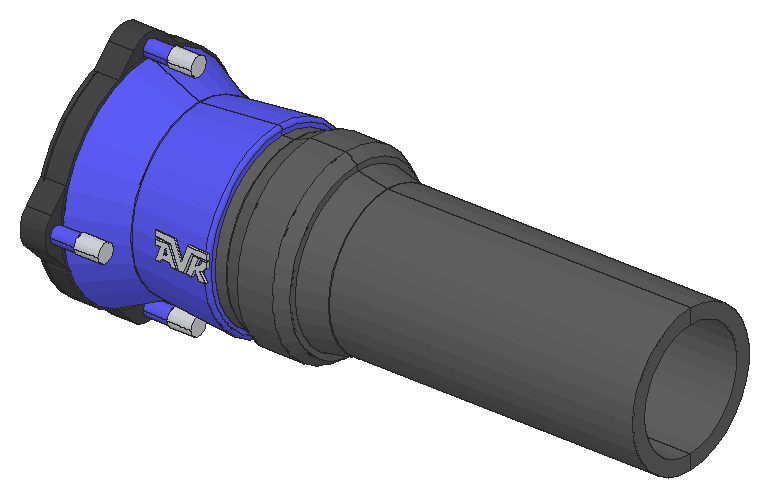
Revit family "635-00-001 DN100-150", category Pipe Accessories, Revit 2022
Family settings
  Round Connector Dimension = Use Diameter
  Part Type = Valve - Breaks Into
  Work Plane-Based = No
  Always vertical = No
  Cut with Voids When Loaded = No
  Shared = No
Parameters (values of type "DN125_ PN16")
  Thickness = OD * 0.2  # 16.00 mm
  SR2 = size_lookup(Search_table, "SR2", 0.00 mm, DN) / 2  # 79.50 mm
  SR1 = size_lookup(Search_table, "SR1", 0.00 mm, DN) / 2  # 66.00 mm
  Ring_dia3 = Ring_dia2 * 1.1  # 95.106 mm
  Ring_dia2 = ((Ring_Dia1 - OD) / 2) + OD  # 86.46 mm
  Ring_Dia1 = Ring_Dia * 0.92  # 92.92 mm
  Ring_Dia = size_lookup(Search_table, "Ring_Dia", 0.00 mm, DN) / 2  # 101.00 mm
  PCD = D * 0.9  # 128.25 mm
  OD = size_lookup(Search_table, "OD", 0.00 mm, DN) / 2  # 80.00 mm
  L5 = L4 * 1.25  # 257.812 mm
  L4-L3 = (L4 - L3) * 0.7  # 13.125 mm
  L4 = L3 * 1.1  # 206.25 mm
  L3 = L * 0.3  # 187.50 mm
  L1 = size_lookup(Search_table, "L1", 0.00 mm, DN)  # 335.00 mm
  L = size_lookup(Search_table, "L", 0.00 mm, DN)  # 625.00 mm
  FLange_T1 = Bolt_End_dis * 1.1  # 82.50 mm
  FL_T2 = FL_T / 2  # 28.00 mm
  FL_T = size_lookup(Search_table, "FL_T", 0.00 mm, DN)  # 56.00 mm
  D3 = D * 0.3  # 42.75 mm
  D2 = SR1 * 1.1  # 72.60 mm
  D1 = D * 0.85  # 121.125 mm
  Cap_Radius = size_lookup(Search_table, "Cap_Radius", 0.00 mm, DN)  # 29.00 mm
  Bore = size_lookup(Search_table, "Bore", 0.00 mm, DN)  # 62.50 mm
  Bolt_End_dis = size_lookup(Search_table, "Bolt_End_dis", 0.00 mm, DN)  # 75.00 mm
  Bolt2 = Bolt1 * 1.15  # 10.005 mm
  Bolt1 = Cap_Radius * 0.3  # 8.70 mm
  4 = 4.00 mm  # constant formula
  DN125_ PN16 = "635-161-00-166"
  DN150_ PN16 = "635-188-00-166"
  DN = 125.00 mm
  Description_ = "AVK SUPA MAXI™ TRANSITION COUPLING, PE100/PN16"
  Default Elevation = 0.00 mm
  DN100_PN16 = "635-133-00-166"
  Search_table = "635-00-001 DN100-150"
  URL product pages = "https://www.avkvalves.com/P.aspx?no=63507100166"
  D = size_lookup(Search_table, "D", 0.00 mm, DN) / 2  # 142.50 mm
  2 = 2.00 mm  # constant formula
  12 = 11.00 mm  # constant formula
  10 = 10.00 mm  # constant formula
  1 = 1.00 mm  # constant formula
Types (4, lengths in mm): name | Thickness | SR2 | SR1 | Ring_dia3 | Ring_dia2 | Ring_Dia1 | Ring_Dia | PCD | OD | L5 | L4-L3 | L4 | L3 | L1 | L | FLange_T1 | FL_T2 | FL_T | D3 | D2 | D1 | Cap_Radius | Bore | Bolt_End_dis | Bolt2 | Bolt1 | DN | D
  (no name) | 16.00 | 79.50 | 66.00 | 95.106 | 86.46 | 92.92 | 101.00 | 128.25 | 80.00 | 257.812 | 13.125 | 206.25 | 187.50 | 335.00 | 625.00 | 82.50 | 28.00 | 56.00 | 42.75 | 72.60 | 121.125 | 29.00 | 62.50 | 75.00 | 10.005 | 8.70 | 125.00 | 142.50
  DN100_PN16 | 11.00 | 66.50 | 52.00 | 66.935 | 60.85 | 66.70 | 72.50 | 120.60 | 55.00 | 225.637 | 11.487 | 180.51 | 164.10 | 281.00 | 547.00 | 81.40 | 30.50 | 61.00 | 40.20 | 57.20 | 113.90 | 30.00 | 50.00 | 74.00 | 10.35 | 9.00 | 100.00 | 134.00
  DN125_ PN16 | 16.00 | 79.50 | 66.00 | 95.106 | 86.46 | 92.92 | 101.00 | 128.25 | 80.00 | 257.812 | 13.125 | 206.25 | 187.50 | 335.00 | 625.00 | 82.50 | 28.00 | 56.00 | 42.75 | 72.60 | 121.125 | 29.00 | 62.50 | 75.00 | 10.005 | 8.70 | 125.00 | 142.50
  DN150_ PN16 | 16.00 | 94.00 | 79.50 | 95.612 | 86.92 | 93.84 | 102.00 | 105.30 | 80.00 | 265.65 | 13.524 | 212.52 | 193.20 | 334.00 | 644.00 | 94.60 | 33.50 | 67.00 | 35.10 | 87.45 | 99.45 | 32.50 | 75.00 | 86.00 | 11.213 | 9.75 | 150.00 | 117.00
Reference planes
  plane 1 "Center (Front/Back)": y = 0
  plane 2: z = 0
  plane 3 "Center (Left/Right)": x = 0
  plane 4: z = 142.5
  plane 5: z = -142.5
  plane 6: x = -312.5
  plane 7: x = 312.5
  plane 8: x = -22.5
  plane 9: z = 80
  plane 10: z = -80
  plane 11: x = -230
  plane 12: z = 121.125
  plane 13: z = 66
  plane 14: x = -54.687
  plane 15: x = -125
  plane 16: x = -237.5
  plane 17: x = -256.5
  plane 18: through (0, 0, 0) normal (0, -0.5, 0.866)
  plane 19: through (0, 0, 0) normal (0, -0.5, -0.866)
  plane 20: through (0, 0, 0) normal (0, 0.866, -0.5)
  plane 21: through (0, 0, 0) normal (0, 0.866, 0.5)
Forms (mm)
  Revolve 1, solid, material "Plastic"
    sketch origin (0, 0, 0) x (1, 0, 0) y (0, 0, 1)
      loop
        line (-22.5, 80) -> (-22.5, 64) -> (312.5, 64) -> (312.5, 80) -> (-22.5, 80)
      axis (-22.5, 0) -> (312.5, 0)
    angle from 0 to 360
  Revolve 2, solid, material "Poche"
    sketch origin (0, 0, 0) x (1, 0, 0) y (0, 0, 1)
      loop
        line (-308.5, 117.125) -> (-308.5, 66) -> (-230, 66) -> (-230, 92.92) -> (-284.5, 119.125) -> (-306.5, 119.125)
        arc (-306.5, 119.125) -> (-307.914, 118.539) -> (-308.5, 117.125) r 2
      axis (-230, 0) -> (-308.5, 0)
    angle from 0 to 360
  Revolve 3, solid, material "Aluminum 1100-O"
    sketch origin (0, 0, 0) x (1, 0, 0) y (0, 0, 1)
      loop
        line (-308.5, 121.125) -> (-312.5, 121.125) -> (-312.5, 64) -> (-284.5, 64) -> (-284.5, 66) -> (-308.5, 66) -> (-308.5, 121.125)
      axis (-312.5, 0) -> (-284.5, 0)
    angle from 0 to 360
  Revolve 4, solid, material "Plastic"
    sketch origin (0, 0, 0) x (1, 0, 0) y (0, 0, 1)
      loop
        line (-67.812, 101) -> (-106.25, 101) -> (-125, 92.92) -> (-125, 76) -> (-22.5, 76) -> (-22.5, 80) -> (-54.687, 86.46) -> (-54.687, 92.92) -> (-67.812, 101)
      axis (-22.5, 0) -> (-125, 0)
    angle from 0 to 360
  Revolve 5, solid, material "Plastic"
    sketch origin (0, 0, 0) x (1, 0, 0) y (0, 0, 1)
      loop
        line (-125, 80) -> (-125, 92.92) -> (-138.125, 92.92) -> (-138.125, 80) -> (-125, 80)
      axis (-138.125, 0) -> (-125, 0)
    angle from 0 to 360
  Revolve 6, solid, material "Poche"
    sketch origin (0, 0, 0) x (1, 0, 0) y (0, 0, 1)
      loop
        line (-138.125, 66) -> (-138.125, 97)
        arc (-138.125, 97) -> (-139.429, 99.955) -> (-142.492, 100.983) r 4
        line (-142.492, 100.983) -> (-230, 92.92) -> (-230, 66) -> (-138.125, 66)
      axis (-230, 0) -> (-138.125, 0)
    angle from 0 to 360
  Extrusion 7, solid, material "Aluminum 1100-O"
    sketch origin (0, 0, 0) x (0, 1, 0) y (0, 0, 1)
      loop
        line (134.006, 20.506) -> (20.506, 134.006)
        arc (20.506, 134.006) -> (0, 142.5) -> (-20.506, 134.006) r 29
        line (-20.506, 134.006) -> (-134.006, 20.506)
        arc (-134.006, 20.506) -> (-142.5, 0) -> (-134.006, -20.506) r 29
        line (-134.006, -20.506) -> (-20.506, -134.006)
        arc (-20.506, -134.006) -> (0, -142.5) -> (20.506, -134.006) r 29
        line (20.506, -134.006) -> (134.006, -20.506)
        arc (134.006, -20.506) -> (142.5, 0) -> (134.006, 20.506) r 29
      loop
        circle (0, 0) r 72.6
    from -312.5 to -284.5
  Revolve 8, solid, material "Aluminum 1100-O"
    sketch origin (0, 0, 0) x (1, 0, 0) y (0, 0, 1)
      loop
        line (-312.5, 121.125) -> (-312.5, 111.125) -> (-284.5, 111.125) -> (-284.5, 121.125) -> (-312.5, 121.125)
      axis (-312.5, 0) -> (-284.5, 0)
    angle from 0 to 360
  Extrusion 9, solid, material "Poche"
    sketch origin (0, 0, 0) x (0, 1, 0) y (0, 0, 1)
      loop
        circle (0, 128.25) r 8.7
      loop
        circle (0, -128.25) r 8.7
      loop
        circle (128.25, 0) r 8.7
      loop
        circle (-128.25, 0) r 8.7
    from -302.5 to -256.5
  Extrusion 10, solid
    sketch origin (0, 0, 0) x (0, 1, 0) y (0, 0, 1)
      loop
        circle (0, 128.25) r 10.005
      loop
        circle (0, -128.25) r 10.005
      loop
        circle (128.25, 0) r 10.005
      loop
        circle (-128.25, 0) r 10.005
    from -256.5 to -230
Dimensions and locks
  equal spacing: plane 7, plane 3 "Center (Left/Right)", plane 6
  "L": plane 7 to plane 6
  "L1": plane 7 to plane 8
  equal spacing: plane 4, level, plane 5
  "D": plane 4 to level
  equal spacing: plane 9, level, plane 10
  "OD": plane 9 to level
  "Thickness": plane 9 to Revolve 1 sketch curve
  "SR1": Revolve 2 sketch curve to level
  "FLange_T1": plane 11 to plane 6
  "D1": plane 12 to level
  "SR1": plane 13 to level
  "2": plane 13 to Revolve 3 sketch curve
  "FL_T2": Revolve 3 sketch curve to plane 6
  "4": Revolve 3 sketch curve to plane 6
  "Ring_Dia": Revolve 4 sketch curve to level
  "L3": Revolve 4 sketch curve to plane 6
  "Ring_Dia1": Revolve 4 sketch curve to level  (x2)
  "4": plane 9 to Revolve 4 sketch curve
  "Ring_Dia1": Revolve 5 sketch curve to level
  "L4": Revolve 4 sketch curve to plane 6
  "L5": plane 14 to plane 6
  "L3": Revolve 5 to plane 6
  "FLange_T1": Revolve 2 sketch curve to plane 6
  "L3": plane 15 to plane 6
  "L4-L3": plane 15 to Revolve 5
  "Ring_Dia1": Revolve 2 sketch curve to level
  "L4-L3": plane 14 to Revolve 4 sketch curve
  "OD": Revolve 4 sketch curve to level
  "Ring_dia2": Revolve 4 sketch curve to level
  "L4-L3": plane 15 to Revolve 6 sketch curve
  "Ring_Dia1": Revolve 6 sketch curve to level
  "SR1": Revolve 6 sketch curve to level
  "Ring_Dia": Revolve 6 sketch curve to level
  "FL_T2": Extrusion 7 to plane 6
  "FL_T2": Revolve 8 sketch curve to plane 6
  "10": plane 12 to Revolve 8 sketch curve
  "2": plane 12 to Revolve 2 sketch curve
  "FL_T2": Revolve 2 sketch curve to plane 6
  "4": Revolve 2 sketch curve to plane 6
  "Bolt_End_dis": plane 16 to plane 6
  "FL_T": plane 17 to plane 6
  "10": Extrusion 9 to plane 6
  equal spacing: Extrusion 9 sketch curve, plane 1 "Center (Front/Back)", Extrusion 9 sketch curve  (x3)
  equal spacing: Extrusion 10 sketch curve, plane 1 "Center (Front/Back)", Extrusion 10 sketch curve  (x3)
  "PCD": Extrusion 10 sketch curve to level
  plane 7 to plane 6 = 625.00 mm
  plane 4 to plane 5 = 285.00 mm
  plane 9 to plane 10 = 160.00 mm
  equal spacing: Extrusion 9 sketch curve, level, Extrusion 9 sketch curve
  equal spacing: Extrusion 10 sketch curve, level, Extrusion 10 sketch curve
  "PCD": Extrusion 10 sketch curve to plane 1 "Center (Front/Back)"
  "PCD": Extrusion 9 sketch curve to level
  "PCD": Extrusion 9 sketch curve to plane 1 "Center (Front/Back)"
  equal spacing: Extrusion 7 sketch curve, level, Extrusion 7 sketch curve  (x4)
  equal spacing: Extrusion 7 sketch curve, plane 1 "Center (Front/Back)", Extrusion 7 sketch curve  (x4)
  "D": Extrusion 7 sketch curve to plane 1 "Center (Front/Back)"
  "D": level to Extrusion 7 sketch curve
  "4": radius of Revolve 6 sketch curve
  "Bolt1": radius of Extrusion 9 sketch curve  (x4)
  "Bolt2": radius of Extrusion 10 sketch curve  (x4)
  "Cap_Radius": radius of Extrusion 7 sketch curve  (x4)
  "D2": radius of Extrusion 7 sketch curve
  angle plane 18 to level = 30.00°
  angle level to plane 19 = 30.00°
  angle plane 1 "Center (Front/Back)" to plane 20 = 30.00°
  angle plane 21 to plane 1 "Center (Front/Back)" = 30.00°
  aligned and locked: level to plane 2
  aligned and locked: plane 8 to Revolve 1 sketch curve
  aligned and locked: Revolve 1 sketch curve to plane 7
  aligned and locked: Revolve 1 sketch curve to level
  aligned and locked: Revolve 1 sketch curve to plane 9
  aligned and locked: Revolve 2 sketch curve to level
  aligned and locked: plane 6 to Revolve 3 sketch curve
  aligned and locked: Revolve 3 sketch curve to level
  aligned and locked: plane 12 to Revolve 3 sketch curve
  aligned and locked: Revolve 3 sketch curve to plane 13
  aligned and locked: Revolve 4 sketch curve to plane 8
  aligned and locked: Revolve 4 sketch curve to level
  aligned and locked: Revolve 5 sketch curve to level
  aligned and locked: plane 9 to Revolve 5 sketch curve
  aligned and locked: Revolve 6 sketch curve to level
  aligned and locked: Revolve 6 sketch curve to plane 11
  aligned and locked: Extrusion 7 to plane 6
  aligned and locked: plane 6 to Revolve 8 sketch curve
  aligned and locked: Revolve 8 sketch curve to plane 12
  aligned and locked: Revolve 8 sketch curve to level
  aligned and locked: plane 17 to Extrusion 9
  aligned and locked: Extrusion 10 to plane 17
  aligned and locked: plane 11 to Extrusion 10
Automatic sketch dimensions
  plane 16 to Revolve 1 sketch curve = 2.744 mm
  Revolve 1 sketch curve to plane 6 = 82.516 mm
  Revolve 2 sketch curve to Revolve 2 sketch curve = 2.00 mm
  Revolve 2 sketch curve to plane 6 = 94.483 mm
  Revolve 2 sketch curve to plane 16 = 4.633 mm
  Revolve 3 sketch curve to plane 6 = 123.036 mm
  Revolve 3 sketch curve to Revolve 3 sketch curve = 60.00 mm
  Revolve 4 sketch curve to plane 14 = 0.00 mm
  plane 14 to Revolve 4 sketch curve = 3.85 mm
  Revolve 4 sketch curve to plane 3 "Center (Left/Right)" = 1.15 mm
  Revolve 5 sketch curve to plane 15 = 0.00 mm
  Revolve 5 sketch curve to plane 15 = 13.125 mm
  Revolve 5 sketch curve to plane 15 = 32.113 mm
  plane 11 to Revolve 5 sketch curve = 5.051 mm
  plane 11 to Revolve 6 sketch curve = 1.418 mm
  Revolve 6 sketch curve to Revolve 6 sketch curve = 18.30 mm
  Revolve 8 sketch curve to plane 6 = 41.125 mm
  Revolve 8 sketch curve to Revolve 8 sketch curve = 55.00 mm
  Extrusion 9 sketch curve to level = 0.00 mm  (x2)
  Extrusion 10 sketch curve to level = 0.00 mm  (x2)
Nested families
  nested 1: "logo medium-11" at (-168.216, -98.612, -0.332) x (0.9958, -0.0918, -0.0003) z (-0.0918, -0.9958, -0.0034), type "logo medium-11"
Connectors
  piping at (-312.5, 0, 0), diameter 125, driven by "DN"
    settings: on Revolve 8, index 1, connector inside diameter 609.6 mm, connector length 0.00 mm, flow factor 0, pipe flow 0.0 L/s, pressure drop 0.0 Pa, fitting loss kfactor 0, connector angle 0.00°, fixture units 0, engagement length 0.00 mm, angle of deflection 0.00°, flow configuration 0, flow direction 0, fitting loss method 0, system type 7, joint type 0, gender type 0, connector reference index -1, connector utility 0, adjustable connector no, is connector primary yes, connector description ""
  piping at (312.5, 0, 0), diameter 125, driven by "DN"
    settings: on Revolve 1, index 2, connector inside diameter 609.6 mm, connector length 0.00 mm, flow factor 0, pipe flow 0.0 L/s, pressure drop 0.0 Pa, fitting loss kfactor 0, connector angle 0.00°, fixture units 0, engagement length 0.00 mm, angle of deflection 0.00°, flow configuration 0, flow direction 0, fitting loss method 0, system type 7, joint type 0, gender type 0, connector reference index -1, connector utility 0, adjustable connector no, is connector primary no, connector description ""
Definition of nested family "logo medium-11"
  Parameters
    Default Elevation = 1219.20 mm
  Reference planes
    plane 1 "Center (Front/Back)": y = 0
    plane 2: z = 0
    plane 3 "Center (Left/Right)": x = 0
  Forms (mm)
    Extrusion 1, solid
      sketch origin (0, 0, 0) x (1, 0, 0) y (0, 1, 0)
        loop
          line (-1219.2, 1219.2) -> (-1219.2, -1219.2) -> (1219.2, -1219.2) -> (1219.2, 1219.2) -> (-1219.2, 1219.2)
      from 0 to -188.781
    Extrusion 2, solid
      sketch origin (0, 0, 0) x (1, 0, 0) y (0, 1, 0)
        loop
          line (-30.911, 14.607) -> (-12.952, 14.607) -> (-3.438, -8.594) -> (3.26, -8.594) -> (12.676, 14.607) -> (30.732, 14.607) -> (30.732, 20.529) -> (7.968, 20.529) -> (0, 0) -> (-8.195, 20.529) -> (-30.911, 20.529) -> (-30.911, 14.607)
        loop
          line (30.732, 6.453) -> (30.732, 12.569) -> (24.908, 12.569)
          arc (24.908, 12.569) -> (22.993, 7.075) -> (17.724, 4.608) r 7.492
          line (17.724, 4.608) -> (20.928, 12.569) -> (14.521, 12.569) -> (5.881, -8.594) -> (12.434, -8.594) -> (15.777, -0.405) -> (21.354, -8.594) -> (29.424, -8.594) -> (22.319, 0.649)
          arc (22.319, 0.649) -> (26.344, 2.972) -> (29.424, 6.453) r 14.456
          line (29.424, 6.453) -> (30.732, 6.453)
        loop
          line (-5.865, -8.594) -> (-14.796, 12.569) -> (-30.911, 12.569) -> (-30.911, 6.453) -> (-25.086, 6.453) -> (-30.911, -8.594) -> (-25.086, -8.594) -> (-23.728, -5.084) -> (-13.656, -5.084) -> (-12.175, -8.594) -> (-5.865, -8.594)
        loop
          line (-18.776, 7.618) -> (-21.494, 0) -> (-15.961, 0) -> (-18.776, 7.618)
      from 0 to 2
  Dimensions and locks
    aligned and locked: plane 2 to Extrusion 1
    aligned and locked: level to Extrusion 1
    aligned and locked: Extrusion 2 sketch curve to import instance  (x36)
